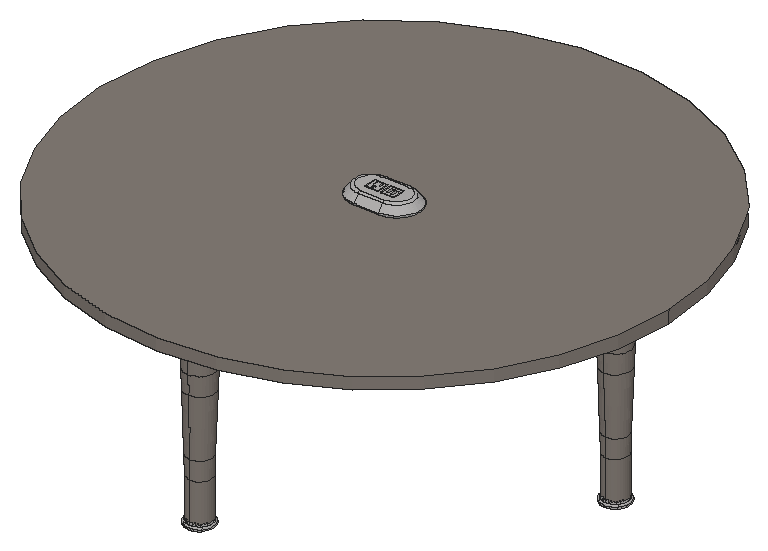
Revit family "Table-Teknion-Zones_ZNTWC-R2015", category Furniture, Revit 2015
Parameters (values of type "Table 48", with Power Pill")
  Width = 48"
  Warranty = "http://www.teknion.com/ca/papers/legal-canada"
  Voltage [instance] = if((With Power Pill), 120 V, 0 V)  # 120 V
  URL = "http://www.teknion.com"
  Table Top Finish [instance] = Veneer - Teknion - BR - Greystone Beech
  Table Leg Wood Finish [instance] = Veneer - Teknion - BR - Greystone Beech
  Table Frame Finish [instance] = Seamless Paint - Teknion - 25 - Crisp Grey
  Table Diameter = 48"
  Sustainability Data = "http://www.teknion.com/ca/tools/assets#&asset=444deb64-fe58-4b68-981e-f75e97781df7,b4ff2d81-9f2e-437d-9659-7cffb09c31cf"
  Series = "Zones"
  Product Page URL = "http://www.teknion.com/ca/products/product-details?productLineId=b28c7a6e-8e7a-673b-a6c8-ff64004460c4"
  Product Line = "Zones"
  Product Documentation Link = "http://www.teknion.com/pricing/Zones/pdfs/ZNTWC_ppg.pdf"
  Power Pill Two Power Two USB Modules [instance] = yes
  Power Pill Finish [instance] = Seamless Paint - Teknion - 25 - Crisp Grey
  Part Number = "ZNTWC"
  Number of Poles = 1
  Model = "ZNTWC48P"
  Manufacturer Phone = "416-661-3370"
  Manufacturer Fax = "416.661.4586"
  Manufacturer Contact Information = "http://www.teknion.com/ca/contactus"
  Manufacturer Address = "1150 Flint Road, Toronto, ON. M3J 2J5. Canada"
  Manufacturer = "Teknion"  # constant formula
  With Power Pill = yes
  Height = 16"
  Description = "Round Lounge Workshop Table, 48\"dia, with Center Pill Cut-Out"
  Depth = 48"
  Connector Description [instance] = if((With Power Pill), "Power Connector", "Without Power Connector")  # "Power Connector"
  Assembly Code = "E2020200"
  Apparent Load [instance] = 0 VA  # constant formula
Types (2): name | Voltage | Power Pill Two Power Two USB Modules | Model | With Power Pill | Description | Connector Description
  Table 48", with Power Pill | 120 V | yes | "ZNTWC48P" | yes | "Round Lounge Workshop Table, 48\"dia, with Center Pill Cut-Out" | "Power Connector"
  Table 48" | 0 V | no | "ZNTWC48N" | no | "Round Lounge Workshop Table, 48\"dia, without Cut-Out" | "Without Power Connector"
Reference planes (in)
  plane 1 "Center (Front/Back)": y = 0
  plane 2 "Bottom": z = 0
  plane 3 "Center (Left/Right)": x = 0
  plane 4 "Frame Left": x = -16.90625
  plane 5 "Frame Right": x = 16.90625
  plane 6 "Frame Back": y = 16.915
  plane 7 "Frame Front": y = -16.915
  plane 8 "Top": z = 16
  plane 9 "Frame": z = 15
  plane 10: y = 24
  plane 11: y = -24
  plane 12: x = -24
  plane 13: x = 24
Forms (in)
  Sweep 1, solid, material "Veneer - Teknion - BR - Greystone Beech" <- "Table Top Finish"
    path origin (0, 0, -13) x (1, 0, 0) y (0, 0, 1)
      loop
        line (0, 28) -> (0, 29)
    profile origin (0, 0, 15.5) x (-1, 0, 0) y (0, -1, 0)
      loop
        circle (0, 0) r 24
  Extrusion 2, void
    sketch origin (0, 0, 0) x (1, 0, 0) y (0, 1, 0)
      loop
        circle (0, 0) r 0.25
    from 0 to 0.5
Lines and regions (in)
  Masking region 1
    outline origin (0.5, 0, 15) x (0, 1, 0) y (-1, 0, 0)
      loop
        circle (0, 0.5) r 24
Dimensions and locks (in)
  equal spacing: plane 4 "Frame Left", plane 3 "Center (Left/Right)", plane 5 "Frame Right"
  equal spacing: plane 6 "Frame Back", plane 1 "Center (Front/Back)", plane 7 "Frame Front"
  "Height": plane 8 "Top" to plane 2 "Bottom"
  "Width": plane 12 to plane 13
  "Depth": plane 10 to plane 11
  equal spacing: plane 12, plane 3 "Center (Left/Right)", plane 13
  equal spacing: plane 10, plane 1 "Center (Front/Back)", plane 11
  Sweep 1 to plane 2 "Bottom" = 15"
  locked: Extrusion 2 to plane 2 "Bottom" at 0.5
  locked: plane 11 to plane 7 "Frame Front" at 7.085
  locked: plane 5 "Frame Right" to plane 13 at 7.09375
  locked: plane 8 "Top" to plane 9 "Frame" at 1
  "Table Diameter": diameter of Sweep 1 sketch curve
  "Table Diameter": diameter of Masking region 1 sketch curve
  aligned and locked: level to plane 2 "Bottom"
  aligned and locked: plane 3 "Center (Left/Right)" to Sweep 1 sketch curve
  aligned and locked: plane 8 "Top" to Sweep 1 sketch curve
  aligned and locked: plane 9 "Frame" to Sweep 1 sketch curve
  aligned and locked: plane 1 "Center (Front/Back)" to Sweep 1 sketch curve
  aligned and locked: plane 3 "Center (Left/Right)" to nested 1
  aligned and locked: plane 1 "Center (Front/Back)" to nested 1
  aligned and locked: plane 1 "Center (Front/Back)" to Extrusion 2 sketch curve
  aligned and locked: plane 3 "Center (Left/Right)" to Extrusion 2 sketch curve
  aligned and locked: Extrusion 2 to plane 2 "Bottom"
  aligned and locked: level to nested 4
  aligned and locked: nested 3 to plane 3 "Center (Left/Right)"
  aligned and locked: nested 4 to plane 3 "Center (Left/Right)"
  aligned and locked: nested 5 to plane 1 "Center (Front/Back)"
  aligned and locked: nested 2 to plane 1 "Center (Front/Back)"
  aligned and locked: nested 3 to plane 7 "Frame Front"
  aligned and locked: nested 4 to plane 6 "Frame Back"
  aligned and locked: nested 2 to plane 5 "Frame Right"
  aligned and locked: plane 4 "Frame Left" to nested 5
  aligned and locked: plane 3 "Center (Left/Right)" to Masking region 1 sketch curve
  aligned and locked: plane 1 "Center (Front/Back)" to Masking region 1 sketch curve
  aligned and locked: plane 9 "Frame" to nested 2
  aligned and locked: plane 2 "Bottom" to nested 5
  aligned and locked: plane 2 "Bottom" to nested 3
  aligned and locked: nested 1 to plane 8 "Top"
Automatic sketch dimensions
  Sweep 1 sketch curve to profile plane = 0"
  radius of Extrusion 2 sketch curve = 1/4"
Nested families (in)
  nested 1: "Accessory-Power_Pill-Teknion-Zones_ZNEP_Two_Modules-R2013" at (0, 0, 16), Power Pill Finish <- "Power Pill Finish", visible <- "With Power Pill", type "2 Modules Power Pill"
    with SB Modules no, SA Modules yes, Power Pill Finish Seamless Paint - Teknion - 25 - Crisp Grey, Outlet Offset 0", Item Code "ZNEPSA120"
  nested 2: "Support-Leg-Teknion-Zones_ZNTW_Plate-R2015" at (19.50006, 0, 0) x (0, -1, 0) z (0, 0, 1), type "Leg Support"
    with Support Visibility yes
  nested 3: "Support-Leg-Teknion-Zones_ZNTW_Plate-R2015" at (0, -19.47157, 0) x (0, -1, 0) z (0, 0, 1), type "Leg Support"
    with Support Visibility yes
  nested 4: "Support-Leg-Teknion-Zones_ZNTW_Plate-R2015" at (0, 19.50881, 0), type "Leg Support"
    with Support Visibility yes
  nested 5: "Support-Leg-Teknion-Zones_ZNTW_Plate-R2015" at (-19.43744, 0, 0) x (0, -1, 0) z (0, 0, 1), type "Leg Support"
    with Support Visibility yes
Connectors (in)
  electrical at (0, 0, 0), driven by "Voltage", driven by "Apparent Load", driven by "Connector Description", driven by "Number of Poles"
    settings: on Extrusion 2, index 1, voltage 120 V, apparent load 0 VA, apparent load phase1 0 VA, apparent load phase2 0 VA, apparent load phase3 0 VA, power factor 1, load classification "Other", number of poles 1, system type 31, power factor state 1, is connector primary yes, connector utility no, sub classification motor no, connector description "Power Connector"
Definition of nested family "Accessory-Power_Pill-Teknion-Zones_ZNEP_Two_Modules-R2013"
  Parameters (values of type "2 Modules Power Pill")
    Width = 5.92"
    Warranty = "http://www.teknion.com/ca/papers/legal-canada"
    URL = "www.teknion.com"
    Sustainability Data = "http://www.teknion.com/ca/tools/assets#&asset=444deb64-fe58-4b68-981e-f75e97781df7,b4ff2d81-9f2e-437d-9659-7cffb09c31cf"
    Series = "Zones"
    SB Modules [instance] = not(SA Modules)  # no
    SA Modules [instance] = yes
    Product Page URL = "http://www.teknion.com/products/product-details?productLineId=b28c7a6e-8e7a-673b-a6c8-ff64004460c4"
    Product Line = "Zones"
    Product Documentation Link = "http://www.teknion.com/pricing/Zones/pdfs/ZNEP_ppg.pdf"
    Power Pill Finish [instance] = none
    Part Number = "ZNEP"
    Outlet Offset [instance] = if(SA Modules, 0", 1.076")  # 0"
    Model = "See Item Code"
    Manufacturer Phone = "416-661-3370"
    Manufacturer Fax = "416.661.4586"
    Manufacturer Contact Information = "http://www.teknion.com/ca/contactus"
    Manufacturer Address = "1150 Flint Road, Toronto, ON. M3J 2J5. Canada"
    Manufacturer = "Teknion"  # constant formula
    Item Code [instance] = if(SA Modules, "ZNEPSA120", "ZNEPSB120")  # "ZNEPSA120"
    Height = 2 1/8"
    Description = "Power Pill, 120in Length Of Cord"
    Depth = 3.82"
    Cap Height = 3/4"
    Auxiliary Width = 2.1"
    Assembly Code = "E2020200"
  Reference planes (in)
    plane 1 "Center F/B": y = 0
    plane 2: z = 0
    plane 3 "Center L/R": x = 0
    plane 4 "Left": x = -2.96
    plane 5 "Right": x = 2.96
    plane 6 "Back": y = 1.91
    plane 7 "Front": y = -1.91
    plane 8 "Top": z = 0.75
    plane 9 "Bottom": z = -1.375
    plane 10: x = -1.05
    plane 11: x = 1.05
    plane 12: y = 0
  Forms (in)
    Sweep 1, solid, material <- "Power Pill Finish"
      path origin (0, 0, 0) x (1, 0, 0) y (0, 0, 1)
        loop
          line (0, 0.75) -> (0, 0)
      profile origin (0, 0, 0.375) x (0, -1, 0) y (1, 0, 0)
        loop
          arc (-1.18092, -1.05) -> (0, -2.23092) -> (1.18092, -1.05) r 1.18092
          line (1.18092, -1.05) -> (1.18092, 1.05)
          arc (1.18092, 1.05) -> (0, 2.23092) -> (-1.18092, 1.05) r 1.18092
          line (-1.18092, 1.05) -> (-1.18092, -1.05)
    Sweep 2, solid, material <- "Power Pill Finish"
      path origin (0, 0, 0) x (1, 0, 0) y (0, 1, 0)
        loop
          line (1.05, 1.18092) -> (-1.05, 1.18092)
          arc (-1.05, 1.18092) -> (-2.23092, 0) -> (-1.05, -1.18092) r 1.18092
          line (-1.05, -1.18092) -> (1.05, -1.18092)
          arc (1.05, -1.18092) -> (2.23092, 0) -> (1.05, 1.18092) r 1.18092
      profile origin (0, 1.18092, 0) x (0, -1, 0) y (0, 0, 1)
        loop
          arc (0, 0.75) -> (-0.13236, 0.72083) -> (-0.23991, 0.63837) r 0.3125
          line (-0.23991, 0.63837) -> (-0.72068, 0.06542)
          arc (-0.72068, 0.06542) -> (-0.72626, 0.02299) -> (-0.69017, 0) r 0.03982
          line (-0.69017, 0) -> (0, 0) -> (0, 0.75)
    Sweep 3, void
      path origin (0, 0, 0) x (1, 0, 0) y (0, 0, 1)
        loop
          line (0, 0.75) -> (0, 0.561)
      profile origin (0, 0, 0.6555) x (0, -1, 0) y (1, 0, 0)
        loop
          arc (-0.55849, -1.20849) -> (-0.55117, -1.22617) -> (-0.53349, -1.23349) r 0.025
          line (-0.53349, -1.23349) -> (0.53349, -1.23349)
          arc (0.53349, -1.23349) -> (0.55117, -1.22617) -> (0.55849, -1.20849) r 0.025
          line (0.55849, -1.20849) -> (0.55849, -0.14151)
          arc (0.55849, -0.14151) -> (0.55117, -0.12383) -> (0.53349, -0.11651) r 0.025
          line (0.53349, -0.11651) -> (-0.53349, -0.11651)
          arc (-0.53349, -0.11651) -> (-0.55117, -0.12383) -> (-0.55849, -0.14151) r 0.025
          line (-0.55849, -0.14151) -> (-0.55849, -1.20849)
        loop
          arc (-0.55849, 0.14151) -> (-0.55117, 0.12383) -> (-0.53349, 0.11651) r 0.025
          line (-0.53349, 0.11651) -> (0.53349, 0.11651)
          arc (0.53349, 0.11651) -> (0.55117, 0.12383) -> (0.55849, 0.14151) r 0.025
          line (0.55849, 0.14151) -> (0.55849, 1.20849)
          arc (0.55849, 1.20849) -> (0.55117, 1.22617) -> (0.53349, 1.23349) r 0.025
          line (0.53349, 1.23349) -> (-0.53349, 1.23349)
          arc (-0.53349, 1.23349) -> (-0.55117, 1.22617) -> (-0.55849, 1.20849) r 0.025
          line (-0.55849, 1.20849) -> (-0.55849, 0.14151)
    Blend 4, solid, material <- "Power Pill Finish"
      base sketch origin (0, 0, 0) x (1, 0, 0) y (0, 1, 0)
        loop
          arc (-1.97872, 1.07373) -> (-2.19085, 0.98587) -> (-2.27872, 0.77373) r 0.3
          line (-2.27872, 0.77373) -> (-2.27872, -0.77373)
          arc (-2.27872, -0.77373) -> (-2.19085, -0.98586) -> (-1.97872, -1.07373) r 0.3
          line (-1.97872, -1.07373) -> (1.97874, -1.07373)
          arc (1.97874, -1.07373) -> (2.19087, -0.98586) -> (2.27874, -0.77373) r 0.3
          line (2.27874, -0.77373) -> (2.27874, 0.77373)
          arc (2.27874, 0.77373) -> (2.19087, 0.98587) -> (1.97874, 1.07373) r 0.3
          line (1.97874, 1.07373) -> (-1.97872, 1.07373)
      top sketch origin (0, 0, 0) x (1, 0, 0) y (0, 1, 0)
        loop
          arc (2.34126, 0.76777) -> (2.23348, 1.02799) -> (1.97326, 1.13577) r 0.368
          line (1.97326, 1.13577) -> (-1.97326, 1.13577)
          arc (-1.97326, 1.13577) -> (-2.23348, 1.02799) -> (-2.34126, 0.76777) r 0.368
          line (-2.34126, 0.76777) -> (-2.34126, -0.76777)
          arc (-2.34126, -0.76777) -> (-2.23348, -1.02798) -> (-1.97326, -1.13577) r 0.368
          line (-1.97326, -1.13577) -> (1.97326, -1.13577)
          arc (1.97326, -1.13577) -> (2.23348, -1.02798) -> (2.34126, -0.76777) r 0.368
          line (2.34126, -0.76777) -> (2.34126, 0.76777)
      from -1.375 to 0.43831
    Sweep 5, void
      path origin (0, 0, 0) x (0, 1, 0) y (0, 0, 1)
        loop
          line (0, -1.125) -> (0, -1.375)
      profile origin (0, 0, -1.25) x (1, 0, 0) y (0, 1, 0)
        loop
          arc (0.97001, -0.42811) -> (1.30001, -0.625) -> (1.63001, -0.42811) r 0.375
          line (1.63001, -0.42811) -> (1.63001, -0.07188)
          arc (1.63001, -0.07188) -> (1.30001, 0.125) -> (0.97001, -0.07188) r 0.375
          line (0.97001, -0.07188) -> (0.97001, -0.42811)
    Sweep 6, solid, material <- "Power Pill Finish"
      path origin (0, 0, 0) x (1, 0, 0) y (0, 0, 1)
        loop
          line (0, 0.75) -> (0, 0.561)
      profile origin (0, 0, 0.6555) x (0, -1, 0) y (1, 0, 0)
        loop
          line (-0.525, -0.18979) -> (-0.525, -1.16019)
          arc (-0.525, -1.16019) -> (-0.51329, -1.18847) -> (-0.485, -1.20019) r 0.04
          line (-0.485, -1.20019) -> (0.485, -1.20019)
          arc (0.485, -1.20019) -> (0.51328, -1.18847) -> (0.525, -1.16019) r 0.04
          line (0.525, -1.16019) -> (0.525, -0.18979)
          arc (0.525, -0.18979) -> (0.51328, -0.16151) -> (0.485, -0.14979) r 0.04
          line (0.485, -0.14979) -> (-0.485, -0.14979)
          arc (-0.485, -0.14979) -> (-0.51329, -0.16151) -> (-0.525, -0.18979) r 0.04
        loop
          line (-0.525, 1.16049) -> (-0.525, 0.18951)
          arc (-0.525, 0.18951) -> (-0.51329, 0.16122) -> (-0.485, 0.14951) r 0.04
          line (-0.485, 0.14951) -> (0.485, 0.14951)
          arc (0.485, 0.14951) -> (0.51328, 0.16122) -> (0.525, 0.18951) r 0.04
          line (0.525, 0.18951) -> (0.525, 1.16049)
          arc (0.525, 1.16049) -> (0.51328, 1.18877) -> (0.485, 1.20049) r 0.04
          line (0.485, 1.20049) -> (-0.485, 1.20049)
          arc (-0.485, 1.20049) -> (-0.51329, 1.18877) -> (-0.525, 1.16049) r 0.04
    Sweep 7, void
      path origin (0, 0, 0) x (1, 0, 0) y (0, 0, 1)
        loop
          line (0, 0.75) -> (0, 0)
      profile origin (0, 0, 0.375) x (0, -1, 0) y (1, 0, 0)
        loop
          line (-0.39914, -0.95882) -> (-0.05032, -0.95882) -> (-0.05032, -0.88677) -> (-0.39914, -0.88677) -> (-0.39914, -0.95882)
        loop
          line (-0.08969, -0.47969) -> (-0.08969, -0.40764) -> (-0.35977, -0.40764) -> (-0.35977, -0.47969) -> (-0.08969, -0.47969)
        loop
          line (0.34968, -0.57969) -> (0.24614, -0.57969)
          arc (0.24614, -0.57969) -> (0.14259, -0.68323) -> (0.24614, -0.78677) r 0.10354
          line (0.24614, -0.78677) -> (0.34968, -0.78677) -> (0.34968, -0.57969)
        loop
          line (-0.25774, 0.64664) -> (-0.25774, 0.4242) -> (0.25998, 0.4242) -> (0.25998, 0.64664) -> (-0.25774, 0.64664)
        loop
          line (-0.25774, 0.77853) -> (0.25998, 0.77853) -> (0.25998, 1.00097) -> (-0.25774, 1.00097) -> (-0.25774, 0.77853)
        loop
          line (0.67686, 0.46323) -> (0.67686, 0.39118) -> (1.02568, 0.39118) -> (1.02568, 0.46323) -> (0.67686, 0.46323)
        loop
          line (0.98631, 0.87032) -> (0.98631, 0.94236) -> (0.71623, 0.94236) -> (0.71623, 0.87032) -> (0.98631, 0.87032)
        loop
          line (1.42568, 0.56323) -> (1.42568, 0.77032) -> (1.32214, 0.77032)
          arc (1.32214, 0.77032) -> (1.21859, 0.66677) -> (1.32214, 0.56323) r 0.10354
          line (1.32214, 0.56323) -> (1.42568, 0.56323)
  Cuts and joins
    Sweep 3 cuts Sweep 1
    Sweep 3 cuts Sweep 2
    Sweep 5 cuts Blend 4
    joined: Sweep 1, Sweep 2, Blend 4
    Sweep 7 cuts Sweep 6
  Lines and regions (in)
    Masking region 1
      outline origin (0, 0, 0) x (1, 0, 0) y (0, 1, 0)
        loop
          arc (-1.05, 1.91) -> (-2.96, 0) -> (-1.05, -1.91) r 1.91
          line (-1.05, -1.91) -> (1.05, -1.91)
          arc (1.05, -1.91) -> (2.96, 0) -> (1.05, 1.91) r 1.91
          line (1.05, 1.91) -> (-1.05, 1.91)
    symbolic lines
      curve 1: line (-0.14151, 0.55849, 0) -> (-1.20849, 0.55849, 0)
      curve 2: arc (-1.20849, 0.55849, 0) -> (-1.22617, 0.55117, 0) -> (-1.23349, 0.53349, 0) r 0.025
      curve 3: line (-1.23349, 0.53349, 0) -> (-1.23349, -0.53349, 0)
      curve 4: arc (-1.23349, -0.53349, 0) -> (-1.22617, -0.55117, 0) -> (-1.20849, -0.55849, 0) r 0.025
      curve 5: line (-1.20849, -0.55849, 0) -> (-0.14151, -0.55849, 0)
      curve 6: arc (-0.14151, -0.55849, 0) -> (-0.12383, -0.55117, 0) -> (-0.11651, -0.53349, 0) r 0.025
      curve 7: line (-0.11651, -0.53349, 0) -> (-0.11651, 0.53349, 0)
      curve 8: arc (-0.11651, 0.53349, 0) -> (-0.12383, 0.55117, 0) -> (-0.14151, 0.55849, 0) r 0.025
      curve 9: line (1.20849, 0.55849, 0) -> (0.14151, 0.55849, 0)
      curve 10: arc (0.14151, 0.55849, 0) -> (0.12383, 0.55117, 0) -> (0.11651, 0.53349, 0) r 0.025
      curve 11: line (0.11651, 0.53349, 0) -> (0.11651, -0.53349, 0)
      curve 12: arc (0.11651, -0.53349, 0) -> (0.12383, -0.55117, 0) -> (0.14151, -0.55849, 0) r 0.025
      curve 13: line (0.14151, -0.55849, 0) -> (1.20849, -0.55849, 0)
      curve 14: arc (1.20849, -0.55849, 0) -> (1.22617, -0.55117, 0) -> (1.23349, -0.53349, 0) r 0.025
      curve 15: line (1.23349, -0.53349, 0) -> (1.23349, 0.53349, 0)
      curve 16: arc (1.23349, 0.53349, 0) -> (1.22617, 0.55117, 0) -> (1.20849, 0.55849, 0) r 0.025
    symbolic lines, detail levels medium+fine
      curve 17: arc (-1.05, 1.181, 0) -> (-2.231, 0, 0) -> (-1.05, -1.181, 0) r 1.181
      curve 18: line (-1.05, 1.181, 0) -> (1.05, 1.181, 0)
      curve 19: arc (1.05, 1.181, 0) -> (2.231, 0, 0) -> (1.05, -1.181, 0) r 1.181
      curve 20: line (1.05, -1.181, 0) -> (-1.05, -1.181, 0)
    symbolic lines, detail levels fine
      curve 21: line (-0.78677, -0.34968, 0.75) -> (-0.57969, -0.34968, 0.75)
      curve 22: line (-0.78677, -0.24614, 0.75) -> (-0.78677, -0.34968, 0.75)
      curve 23: arc (-0.57969, -0.24614, 0.75) -> (-0.68323, -0.14259, 0.75) -> (-0.78677, -0.24614, 0.75) r 0.10354
      curve 24: line (-0.57969, -0.34968, 0.75) -> (-0.57969, -0.24614, 0.75)
      curve 25: line (-0.47969, 0.08969, 0.75) -> (-0.40764, 0.08969, 0.75)
      curve 26: line (-0.40764, 0.08969, 0.75) -> (-0.40764, 0.35977, 0.75)
      curve 27: line (-0.47969, 0.35977, 0.75) -> (-0.47969, 0.08969, 0.75)
      curve 28: line (-0.40764, 0.35977, 0.75) -> (-0.47969, 0.35977, 0.75)
      curve 29: line (-0.95882, 0.05032, 0.75) -> (-0.88677, 0.05032, 0.75)
      curve 30: line (-0.88677, 0.05032, 0.75) -> (-0.88677, 0.39914, 0.75)
      curve 31: line (-0.95882, 0.39914, 0.75) -> (-0.95882, 0.05032, 0.75)
      curve 32: line (-0.88677, 0.39914, 0.75) -> (-0.95882, 0.39914, 0.75)
      curve 53: arc (-1.16019, 0.525, 0.75) -> (-1.18847, 0.51329, 0.75) -> (-1.20019, 0.485, 0.75) r 0.04
      curve 54: line (-0.18979, 0.525, 0.75) -> (-1.16019, 0.525, 0.75)
      curve 55: arc (-0.14979, 0.485, 0.75) -> (-0.16151, 0.51329, 0.75) -> (-0.18979, 0.525, 0.75) r 0.04
      curve 56: line (-0.14979, -0.485, 0.75) -> (-0.14979, 0.485, 0.75)
      curve 57: arc (-0.18979, -0.525, 0.75) -> (-0.16151, -0.51328, 0.75) -> (-0.14979, -0.485, 0.75) r 0.04
      curve 58: line (-1.16019, -0.525, 0.75) -> (-0.18979, -0.525, 0.75)
      curve 59: arc (-1.20019, -0.485, 0.75) -> (-1.18847, -0.51328, 0.75) -> (-1.16019, -0.525, 0.75) r 0.04
      curve 60: line (-1.20019, 0.485, 0.75) -> (-1.20019, -0.485, 0.75)
      curve 61: arc (0.18951, 0.525, 0.75) -> (0.16122, 0.51329, 0.75) -> (0.14951, 0.485, 0.75) r 0.04
      curve 62: line (1.16049, 0.525, 0.75) -> (0.18951, 0.525, 0.75)
      curve 63: arc (1.20049, 0.485, 0.75) -> (1.18877, 0.51329, 0.75) -> (1.16049, 0.525, 0.75) r 0.04
      curve 64: line (1.20049, -0.485, 0.75) -> (1.20049, 0.485, 0.75)
      curve 65: arc (1.16049, -0.525, 0.75) -> (1.18877, -0.51328, 0.75) -> (1.20049, -0.485, 0.75) r 0.04
      curve 66: line (0.18951, -0.525, 0.75) -> (1.16049, -0.525, 0.75)
      curve 67: arc (0.14951, -0.485, 0.75) -> (0.16122, -0.51328, 0.75) -> (0.18951, -0.525, 0.75) r 0.04
      curve 68: line (0.14951, 0.485, 0.75) -> (0.14951, -0.485, 0.75)
      curve 69: line (-0.14151, 0.55849, 0.75) -> (-1.20849, 0.55849, 0.75)
    symbolic lines, visible <- "SA Modules", detail levels fine
      curve 33: line (0.38665, -0.25932, 0.75) -> (0.60909, -0.25932, 0.75)
      curve 34: line (0.60909, -0.25932, 0.75) -> (0.60909, 0.25839, 0.75)
      curve 35: line (0.60909, 0.25839, 0.75) -> (0.38665, 0.25839, 0.75)
      curve 36: line (0.38665, 0.25839, 0.75) -> (0.38665, -0.25932, 0.75)
      curve 37: line (0.74098, 0.25839, 0.75) -> (0.74098, -0.25932, 0.75)
      curve 38: line (0.96342, 0.25839, 0.75) -> (0.74098, 0.25839, 0.75)
      curve 39: line (0.96342, -0.25932, 0.75) -> (0.96342, 0.25839, 0.75)
      curve 40: line (0.74098, -0.25932, 0.75) -> (0.96342, -0.25932, 0.75)
    symbolic lines, visible <- "SB Modules", detail levels fine
      curve 41: line (0.56323, -0.34968, 0.75) -> (0.77032, -0.34968, 0.75)
      curve 42: line (0.56323, -0.24614, 0.75) -> (0.56323, -0.34968, 0.75)
      curve 43: arc (0.77032, -0.24614, 0.75) -> (0.66677, -0.14259, 0.75) -> (0.56323, -0.24614, 0.75) r 0.10354
      curve 44: line (0.77032, -0.34968, 0.75) -> (0.77032, -0.24614, 0.75)
      curve 45: line (0.87032, 0.08969, 0.75) -> (0.94236, 0.08969, 0.75)
      curve 46: line (0.94236, 0.08969, 0.75) -> (0.94236, 0.35977, 0.75)
      curve 47: line (0.94236, 0.35977, 0.75) -> (0.87032, 0.35977, 0.75)
      curve 48: line (0.87032, 0.35977, 0.75) -> (0.87032, 0.08969, 0.75)
      curve 49: line (0.39118, 0.05032, 0.75) -> (0.46323, 0.05032, 0.75)
      curve 50: line (0.46323, 0.05032, 0.75) -> (0.46323, 0.39914, 0.75)
      curve 51: line (0.39118, 0.39914, 0.75) -> (0.39118, 0.05032, 0.75)
      curve 52: line (0.46323, 0.39914, 0.75) -> (0.39118, 0.39914, 0.75)
  Dimensions and locks (in)
    "Cap Height": plane 8 "Top" to plane 2
    equal spacing: plane 4 "Left", plane 3 "Center L/R", plane 5 "Right"
    "Width": plane 4 "Left" to plane 5 "Right"
    equal spacing: plane 6 "Back", plane 1 "Center F/B", plane 7 "Front"
    "Depth": plane 6 "Back" to plane 7 "Front"
    equal spacing: plane 10, plane 3 "Center L/R", plane 11
    "Auxiliary Width": plane 10 to plane 11
    equal spacing: Sweep 1 sketch curve, plane 1 "Center F/B", Sweep 1 sketch curve
    locked: Sweep 1 sketch curve to Sweep 1 sketch curve at 2.36185
    locked: plane 8 "Top" to Sweep 3 sketch curve at 0.189
    locked: plane 8 "Top" to Blend 4 at 0.31169
    locked: plane 9 "Bottom" to Sweep 5 sketch curve at 0.25
    Sweep 3 sketch curve to Sweep 3 sketch curve to plane 3 "Center L/R" to Sweep 3 sketch curve to Sweep 3 sketch curve = 1.11698" locked, 0.11651" locked, 0.11651" locked, 1.11698" locked
    Sweep 3 sketch curve to plane 1 "Center F/B" to Sweep 3 sketch curve = 0.55849" locked, 0.55849" locked
    locked: Blend 4 sketch curve to Blend 4 sketch curve at 0.3  (x4)
    Blend 4 sketch curve to Blend 4 sketch curve = 0.3"  (x4)
    locked: Blend 4 sketch curve to Blend 4 sketch curve at 0.368  (x8)
    Blend 4 sketch curve to plane 3 "Center L/R" to Blend 4 sketch curve = 2.34126" locked, 2.34126" locked
    Blend 4 sketch curve to plane 1 "Center F/B" to Blend 4 sketch curve = 1.13577" locked, 1.13577" locked
    Blend 4 sketch curve to plane 3 "Center L/R" to Blend 4 sketch curve = 2.27872" locked, 2.27874" locked
    Blend 4 sketch curve to plane 1 "Center F/B" to Blend 4 sketch curve = 1.07373" locked, 1.07373" locked
    locked: Sweep 2 sketch curve to plane 1 "Center F/B" at 1.18145
    locked: Sweep 2 sketch curve to plane 1 "Center F/B" at 1.18092
    locked: plane 6 "Back" to Sweep 2 sketch curve at 0.0389
    locked: Sweep 2 sketch curve to plane 2 at 0.03982
    locked: Sweep 5 sketch curve to plane 1 "Center F/B" at 0.25
    locked: plane 11 to Sweep 5 sketch curve at 0.25001
    Sweep 5 sketch curve to plane 11 to Sweep 5 sketch curve = 0.07999" locked, 0.58001" locked
    Sweep 5 sketch curve to Sweep 5 sketch curve to plane 1 "Center F/B" = 0.35623" locked, 0.07188" locked  (x2)
    "Height": plane 8 "Top" to plane 9 "Bottom"
    curve 20 to plane 1 "Center F/B" to curve 18 = 1.181" locked, 1.181" locked
    curve 41 to curve 40 to curve 43 to curve 23 to plane 1 "Center F/B" to curve 49 to curve 45 to curve 38 to curve 47 to curve 52 = 0.09036" locked, 0.01319" locked, 0" locked, 0.24614" locked, 0.05032" locked, 0.03937" locked, 0.1687" locked, 0.10138" locked, 0.03937" locked
    curve 31 to curve 30 to curve 22 to curve 23 to curve 24 to curve 27 to curve 26 to plane 3 "Center L/R" to curve 36 to curve 51 to curve 50 to curve 42 to curve 34 to curve 43 to curve 37 to curve 44 to curve 48 to curve 46 to curve 39 = 0.07205" locked, 0.1" locked, 0.10354" locked, 0.10354" locked, 0.1" locked, 0.07205" locked, 0.40764" locked, 0.38665" locked, 0.00453" locked, 0.07205" locked, 0.1" locked, 0.04586" locked, 0.05768" locked, 19/256" locked, 0.02933" locked, 0.1" locked, 0.07205" locked, 0.02106" locked
    locked: plane 8 "Top" to Sweep 6 sketch curve at 0.189
    Sweep 6 sketch curve to plane 1 "Center F/B" to Sweep 6 sketch curve = 0.525" locked, 0.525" locked
    Sweep 6 sketch curve to Sweep 6 sketch curve to plane 3 "Center L/R" to Sweep 6 sketch curve to Sweep 6 sketch curve = 1.05039" locked, 0.14979" locked, 0.14951" locked, 1.05098" locked
    "Outlet Offset": plane 1 "Center F/B" to plane 12
    Sweep 7 sketch curve to Sweep 7 sketch curve to Sweep 7 sketch curve to Sweep 7 sketch curve to Sweep 7 sketch curve to Sweep 7 sketch curve to Sweep 7 sketch curve to plane 3 "Center L/R" to Sweep 7 sketch curve to Sweep 7 sketch curve to Sweep 7 sketch curve to Sweep 7 sketch curve to Sweep 7 sketch curve to Sweep 7 sketch curve to Sweep 7 sketch curve to Sweep 7 sketch curve to Sweep 7 sketch curve to Sweep 7 sketch curve to Sweep 7 sketch curve = 0.07205" locked, 0.1" locked, 0.10354" locked, 0.10354" locked, 0.1" locked, 0.07205" locked, 0.40764" locked, 0.39118" locked, 0.03302" locked, 0.03903" locked, 0.1" locked, 0.08341" locked, 0.02013" locked, 0.10354" locked, 0.00822" locked, 0.09178" locked, 0.07205" locked, 15/256" locked
    Sweep 7 sketch curve to Sweep 7 sketch curve to plane 1 "Center F/B" to Sweep 7 sketch curve to Sweep 7 sketch curve to Sweep 7 sketch curve to Sweep 7 sketch curve = 0.10354" locked, 0.24614" locked, 0.05032" locked, 0.03937" locked, 0.27008" locked, 0.03937" locked
    Sweep 7 sketch curve to plane 12 to Sweep 7 sketch curve to Sweep 7 sketch curve to Sweep 7 sketch curve to Sweep 7 sketch curve to Sweep 7 sketch curve to Sweep 7 sketch curve to Sweep 7 sketch curve = 0.25774" locked, 0.25998" locked, 0.41688" locked, 0.03937" locked, 0.27008" locked, 0.03937" locked, 0.29646" locked, 0.10354" locked
    aligned and locked: level to plane 2
    aligned and locked: Sweep 1 sketch curve to plane 3 "Center L/R"
    aligned and locked: plane 8 "Top" to Sweep 1 sketch curve
    aligned and locked: plane 2 to Sweep 1 sketch curve
    aligned and locked: plane 10 to Sweep 1 sketch curve
    aligned and locked: plane 1 "Center F/B" to Sweep 1 sketch curve  (x2)
    aligned and locked: plane 11 to Sweep 1 sketch curve
    aligned and locked: Sweep 2 sketch curve to Sweep 1  (x2)
    aligned and locked: Sweep 2 sketch curve to plane 2
    aligned and locked: Sweep 3 sketch curve to plane 3 "Center L/R"
    aligned and locked: plane 8 "Top" to Sweep 3 sketch curve
    aligned and locked: plane 9 "Bottom" to Blend 4
    aligned and locked: plane 9 "Bottom" to Sweep 5 sketch curve
    aligned and locked: Sweep 5 sketch curve to plane 1 "Center F/B"
    aligned and locked: Masking region 1 sketch curve to plane 6 "Back"
    aligned and locked: Masking region 1 sketch curve to plane 7 "Front"
    aligned and locked: plane 10 to Masking region 1 sketch curve
    aligned and locked: plane 1 "Center F/B" to Masking region 1 sketch curve  (x2)
    aligned and locked: plane 11 to Masking region 1 sketch curve
    aligned and locked: curve 2 to cut or joined group of Sweep 1, Sweep 2, Sweep 3, Blend 4, Sweep 5
    aligned and locked: curve 4 to cut or joined group of Sweep 1, Sweep 2, Sweep 3, Blend 4, Sweep 5
    aligned and locked: curve 6 to cut or joined group of Sweep 1, Sweep 2, Sweep 3, Blend 4, Sweep 5
    aligned and locked: curve 8 to cut or joined group of Sweep 1, Sweep 2, Sweep 3, Blend 4, Sweep 5
    aligned and locked: curve 10 to cut or joined group of Sweep 1, Sweep 2, Sweep 3, Blend 4, Sweep 5
    aligned and locked: curve 12 to cut or joined group of Sweep 1, Sweep 2, Sweep 3, Blend 4, Sweep 5
    aligned and locked: curve 14 to cut or joined group of Sweep 1, Sweep 2, Sweep 3, Blend 4, Sweep 5
    aligned and locked: curve 16 to cut or joined group of Sweep 1, Sweep 2, Sweep 3, Blend 4, Sweep 5
    aligned and locked: plane 10 to curve 17
    aligned and locked: plane 11 to curve 19
    aligned and locked: plane 1 "Center F/B" to curve 19
    aligned and locked: plane 1 "Center F/B" to curve 17
    aligned and locked: curve 52 to curve 32
    aligned and locked: curve 29 to curve 49
    aligned and locked: curve 47 to curve 28
    aligned and locked: curve 25 to curve 45
    aligned and locked: curve 21 to curve 41
    aligned and locked: curve 38 to curve 35
    aligned and locked: curve 33 to curve 40
    aligned and locked: Sweep 6 sketch curve to plane 3 "Center L/R"
    aligned and locked: plane 8 "Top" to Sweep 6 sketch curve
    aligned and locked: Sweep 6 sketch curve to Sweep 6 sketch curve  (x2)
    aligned and locked: plane 2 to Sweep 7 sketch curve
    aligned and locked: plane 8 "Top" to Sweep 7 sketch curve
    aligned and locked: Sweep 7 sketch curve to plane 3 "Center L/R"
    aligned and locked: Sweep 7 sketch curve to Sweep 7 sketch curve  (x2)
    aligned and locked: curve 53 to cut or joined group of Sweep 6, Sweep 7
    aligned and locked: curve 55 to cut or joined group of Sweep 6, Sweep 7
    aligned and locked: curve 57 to cut or joined group of Sweep 6, Sweep 7
    aligned and locked: curve 59 to cut or joined group of Sweep 6, Sweep 7
    aligned and locked: curve 61 to cut or joined group of Sweep 6, Sweep 7
    aligned and locked: curve 63 to cut or joined group of Sweep 6, Sweep 7
    aligned and locked: curve 65 to cut or joined group of Sweep 6, Sweep 7
    aligned and locked: curve 67 to cut or joined group of Sweep 6, Sweep 7
  Automatic sketch dimensions
    Sweep 3 sketch curve to Sweep 3 sketch curve = 0.025"  (x6)
    plane 1 "Center F/B" to Sweep 3 sketch curve = 0.53349"
    Sweep 3 sketch curve to Sweep 3 sketch curve = 0"
    Sweep 3 sketch curve to plane 1 "Center F/B" = 0.55849"
    Sweep 3 sketch curve to profile plane = 0.14151"
    Sweep 2 sketch curve to Sweep 2 sketch curve = 0.0305"
    profile plane to Sweep 2 sketch curve = 0.23991"
    level to Sweep 2 sketch curve = 7/16"
    Sweep 2 sketch curve to Sweep 2 sketch curve = 0.20087"
    Sweep 5 sketch curve to Sweep 5 sketch curve = 0"
    plane 1 "Center F/B" to Sweep 6 sketch curve = 0.485"  (x2)
    Sweep 6 sketch curve to Sweep 6 sketch curve = 0.04"  (x5)
    Sweep 6 sketch curve to Sweep 6 sketch curve = 0"
Definition of nested family "Support-Leg-Teknion-Zones_ZNTW_Plate-R2015"
  Parameters (values of type "Leg Support")
    Width = 9.836"
    URL = ""
    Support Visibility [instance] = yes
    Model = ""
    Manufacturer = ""
    Leg Wood Finish = none
    Leg Paint Finish = none
    Height = 15"
    Description = ""
    Depth = 2.948"
    Assembly Code = "E2020200"
  Reference planes (in)
    plane 1 "Center (Front/Back)": y = 0
    plane 2 "Bottom": z = 0
    plane 3 "Right": x = 1.47516
    plane 4 "Back": y = 1.474
    plane 5 "Front": y = -1.474
    plane 6: x = 0
    plane 7 "Top": z = 15
    plane 8 "Ref Lines": z = 16.5
  Forms (in)
    Revolve 1, solid, material <- "Leg Paint Finish"
      sketch origin (0.00034, -0.00082, 0) x (0.707107, 0.707107, 0) y (0, 0, 1)
        loop
          line (1.06744, 0.29872) -> (0.98409, 0.29872) -> (0.98409, 0.54872) -> (0, 0.54872) -> (0, 0) -> (0.84375, 0) -> (0.84375, 0.0625) -> (1.18523, 0.0625) -> (1.18523, 0.18094)
          arc (1.18523, 0.18094) -> (1.15073, 0.26422) -> (1.06744, 0.29872) r 0.11778
        axis (0, 0.54872) -> (0, 0)
      angle from 0 to 360
    Revolve 2, solid, material <- "Leg Wood Finish"
      sketch origin (0, 0, 0) x (1, 0, 0) y (0, 0, 1)
        loop
          line (0, 0.4625) -> (0.98406, 0.4625) -> (0.98406, 3.7125) -> (1.01612, 5.28339) -> (1.18807, 10.20733) -> (1.24377, 11.80238) -> (1.24377, 14.80238) -> (0, 14.80238) -> (0, 0.4625)
        axis (0, 0.4625) -> (0, 14.80238)
      angle from 0 to 360
    Sweep 3, solid, material <- "Leg Paint Finish"
      path origin (0, 0, 0) x (1, 0, 0) y (0, 0, 1)
        loop
          line (0, 14.80238) -> (0, 15)
      profile origin (0, 0, 14.90119) x (-1, 0, 0) y (0, -1, 0)
        loop
          line (-2.55657, 1.19381) -> (-2.55657, -1.13119)
          arc (-2.55657, -1.13119) -> (-2.14652, -2.12114) -> (-1.15657, -2.53119) r 1.4
          line (-1.15657, -2.53119) -> (1.19457, -2.53119)
          arc (1.19457, -2.53119) -> (2.15765, -2.13227) -> (2.55657, -1.16919) r 1.362
          line (2.55657, -1.16919) -> (2.55657, 1.20568)
          arc (2.55657, 1.20568) -> (2.14999, 2.18724) -> (1.16843, 2.59381) r 1.38813
          line (1.16843, 2.59381) -> (-1.15657, 2.59381)
          arc (-1.15657, 2.59381) -> (-2.14652, 2.18376) -> (-2.55657, 1.19381) r 1.4
  Lines and regions (in)
    symbolic lines, detail levels medium+fine
      curve 1: circle (0, 0, 26.74724) r 1.18523 normal (0, 0, 1)
      curve 3: line (2.55657, -1.19381, 16.5) -> (2.55657, 1.13119, 16.5)
      curve 4: arc (1.15657, 2.53119, 16.5) -> (2.14652, 2.12114, 16.5) -> (2.55657, 1.13119, 16.5) r 1.4
      curve 5: line (1.15657, 2.53119, 16.5) -> (-1.19457, 2.53119, 16.5)
      curve 6: arc (-2.55657, 1.16919, 16.5) -> (-2.15765, 2.13227, 16.5) -> (-1.19457, 2.53119, 16.5) r 1.362
      curve 7: line (-2.55657, 1.16919, 16.5) -> (-2.55657, -1.20568, 16.5)
      curve 8: arc (-1.16843, -2.59381, 16.5) -> (-2.14999, -2.18724, 16.5) -> (-2.55657, -1.20568, 16.5) r 1.38813
      curve 9: line (-1.16843, -2.59381, 16.5) -> (1.15657, -2.59381, 16.5)
      curve 10: arc (2.55657, -1.19381, 16.5) -> (2.14652, -2.18376, 16.5) -> (1.15657, -2.59381, 16.5) r 1.4
    symbolic lines, detail levels fine
      curve 2: circle (0, 0, 26.74724) r 1.47501 normal (0, 0, 1)
  Dimensions and locks (in)
    locked: Revolve 1 sketch curve to plane 2 "Bottom" at 0.0625
    locked: Revolve 1 sketch curve to Revolve 1 sketch curve at 0.23622
    Revolve 1 sketch curve to Revolve 1 sketch curve = 27/32"
    equal spacing: plane 4 "Back", plane 1 "Center (Front/Back)", plane 5 "Front"
    "Depth": plane 4 "Back" to plane 5 "Front"
    Revolve 2 sketch curve to Revolve 2 sketch curve to plane 2 "Bottom" = 14.33988" locked, 0.4625" locked
    locked: Revolve 2 sketch curve to Revolve 2 sketch curve at 0.25971
    locked: plane 3 "Right" to plane 6 at 1.47516
    "Height": plane 7 "Top" to plane 2 "Bottom"
    locked: plane 8 "Ref Lines" to plane 2 "Bottom" at 16.5
    plane 7 "Top" to Sweep 3 sketch curve to Sweep 3 sketch curve = 0" locked, 0.19762" locked
    equal spacing: Sweep 3 sketch curve, plane 6, Sweep 3 sketch curve, locked at 2.55657 each
    Sweep 3 sketch curve to plane 1 "Center (Front/Back)" to Sweep 3 sketch curve = 2.59381" locked, 2.53119" locked
    plane 6 to Revolve 2 sketch curve to Revolve 2 sketch curve = 0.98406" locked, 0.25971" locked
    aligned and locked: level to plane 2 "Bottom"
    aligned and locked: plane 7 "Top" to Sweep 3
    aligned and locked: curve 4 to Sweep 3
    aligned and locked: curve 6 to Sweep 3
    aligned and locked: curve 8 to Sweep 3
    aligned and locked: curve 10 to Sweep 3
    aligned and locked: plane 6 to curve 1
    aligned and locked: plane 1 "Center (Front/Back)" to curve 1
    aligned and locked: plane 1 "Center (Front/Back)" to curve 2
    aligned and locked: plane 6 to curve 2
  Automatic sketch dimensions
    Revolve 2 sketch curve to plane 3 "Right" = 0.45904"
    Revolve 2 sketch curve to plane 3 "Right" = 0.28709"
    Revolve 2 sketch curve to Revolve 2 sketch curve = 3 1/4"
    Revolve 2 sketch curve to Revolve 2 sketch curve = 1.57089"
    Revolve 2 sketch curve to Revolve 2 sketch curve = 1.59505"
    Revolve 2 sketch curve to Revolve 2 sketch curve = 3"
    Revolve 2 sketch curve to Revolve 2 sketch curve = 2.34905"
    Revolve 2 sketch curve to Revolve 2 sketch curve = 0.08006"
    profile plane to Sweep 3 sketch curve = 1.15657"  (x2)
    Sweep 3 sketch curve to profile plane = 1.16843"
    Sweep 3 sketch curve to plane 1 "Center (Front/Back)" = 1.13119"
    Sweep 3 sketch curve to plane 1 "Center (Front/Back)" = 1.16919"
    Revolve 2 sketch curve to Revolve 2 sketch curve = 1.24377"  (x2)
    Revolve 1 sketch curve to level = 0"
    Revolve 1 sketch curve to Revolve 1 sketch curve = 0.14034"
    Revolve 1 sketch curve to Revolve 1 sketch curve = 0.08335"
    Revolve 1 sketch curve to Revolve 1 sketch curve = 0.11778"
    Revolve 1 sketch curve to Revolve 1 sketch curve = 0"
    Revolve 1 sketch curve to Revolve 1 sketch curve = 0.54872"
    Revolve 1 sketch curve to Revolve 1 sketch curve = 0.12228"
    Revolve 1 sketch curve to Revolve 1 sketch curve = 1.13963"
    plane 6 to Sweep 3 sketch curve = 0"
    radius of curve 1 = 1.18523"
    radius of curve 2 = 1.47501"
